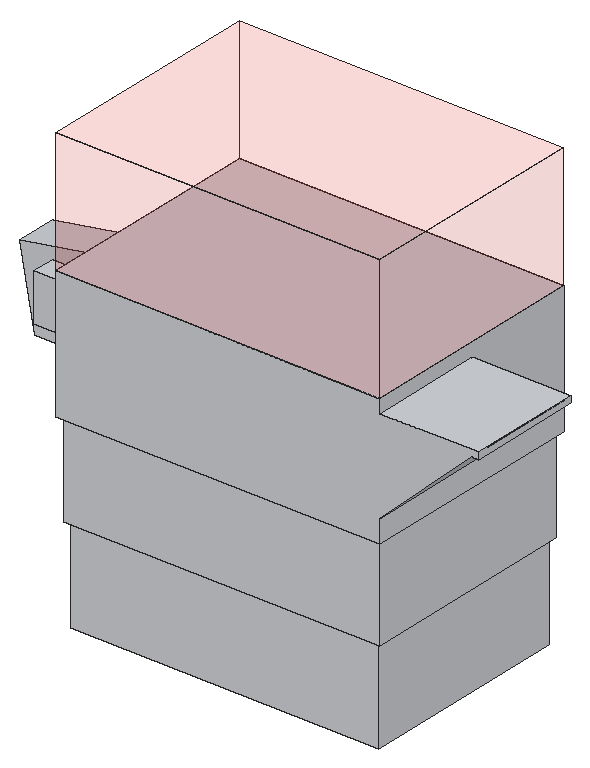
Revit family
Parameters (values of type "208 V Single Phase")
  Weight Scheduled [instance] = 185  # constant formula
  Voltage Workaround = Voltage / 1 V  # 208
  Voltage Scheduled = Voltage  # 208 V
  Voltage = 208 V
  VoltAmps Workaround [instance] = Voltage Workaround * Total FLA * sqrt(Phase)  # 728
  VoltAmps [instance] = VoltAmps Workaround * 1 VA  # 728 VA
  URL = "http://www.renewaire.com/_assets/files/SubmittalForms/EV450RTSubmittal.pdf"
  Total FLA [instance] = Supply Motor FLA  # 3.5
  Supply Motor RPM Scheduled [instance] = 0
  Supply Motor HP Scheduled [instance] = Supply Motor HP  # 0.6
  Supply Motor HP [instance] = if(or(Phase = 1, Phase = 2), 0.6, if(Phase = 3, 0.5, 0))  # 0.6
  Supply Motor FLA [instance] = if(and(Voltage = 115 V, Phase = 1), 7, if(and(or(Voltage = 208 V, Voltage = 230 V), Phase = 1), 3.5, if(and(Voltage = 277 V, Phase = 1), 2.4, if(and(or(Voltage = 208 V, Voltage = 230 V), Phase = 3), 1.7, if(and(Voltage = 460 V, Phase = 3), 0.8, 0)))))  # 3.5
  Supply Motor Count Scheduled [instance] = Supply Motor Count  # 1
  Supply Motor Count [instance] = 1  # constant formula
  Supply Motor BHP [instance] = if(Supply CFM < 241 CFM, if(Phase = 1, 0.569, if(Phase = 3, 0.325, 0)), if(Supply CFM < 339 CFM, if(Phase = 1, 0.635, if(Phase = 3, 0.419, 0)), if(Supply CFM < 381 CFM, if(Phase = 1, 0.664, if(Phase = 3, 0.462, 0)), if(Supply CFM < 451 CFM, if(Phase = 1, 0.715, if(Phase = 3, 0.552, 0)), if(Supply CFM < 501 CFM, if(Phase = 1, 0.754, if(Phase = 3, 0.617, 0)), if(Supply CFM < 551 CFM, if(Phase = 1, 0.794, if(Phase = 3, 0.691, 0)), if(Supply CFM < 601 CFM, if(Phase = 1, 0.834, if(Phase = 3, 0.766, 0)), 0)))))))  # 0.569
  Supply ESP Scheduled [instance] = Supply ESP  # 1
  Supply ESP [instance] = if(Supply CFM < 241 CFM, 1, if(Supply CFM < 339 CFM, 0.85, if(Supply CFM < 381 CFM, 0.75, if(Supply CFM < 451 CFM, 0.5, if(Supply CFM < 501 CFM, 0.25, if(Supply CFM < 551 CFM, 0, if(Supply CFM < 601 CFM, -0.25, 0)))))))  # 1
  Supply CFM Scheduled [instance] = Supply CFM  # 0 CFM
  Supply CFM [instance] = 0 CFM
  Supply Air Winter RH Scheduled [instance] = 0
  Supply Air Winter DB Scheduled [instance] = 0
  Supply Air Summer RH Scheduled [instance] = 0
  Supply Air Summer DB Scheduled [instance] = 0
  Phase Scheduled = Phase  # 1
  Phase = 1
  Outside Air Winter RH Scheduled [instance] = 0
  Outside Air Winter DB Scheduled [instance] = 0
  Outside Air Summer RH Scheduled [instance] = 0
  Outside Air Summer DB Scheduled [instance] = 0
  Number of Poles = 2
  Model = "EV450RTR"
  Manufacturer = "RenewAire"
  MOCP Scheduled [instance] = 0
  MCA Scheduled [instance] = 0
  FLA Scheduled [instance] = Total FLA  # 3.5
  Exhaust RH Scheduled [instance] = 0
  Exhaust Motor RPM Scheduled [instance] = 0
  Exhaust Motor HP Scheduled [instance] = 0
  Exhaust Motor Count Scheduled [instance] = 0
  Exhaust ESP Scheduled [instance] = Exhaust ESP  # 1
  Exhaust ESP [instance] = Supply ESP  # 1
  Exhaust DB Scheduled [instance] = 0
  Exhaust CFM Scheduled [instance] = Exhaust CFM  # 0 CFM
  Exhaust CFM [instance] = 0 CFM
  Enthalpy Effect Winter Scheduled [instance] = if(Supply CFM < 241 CFM, 75, if(Supply CFM < 339 CFM, 71, if(Supply CFM < 381 CFM, 69, if(Supply CFM < 451 CFM, 66, if(Supply CFM < 501 CFM, 64, if(Supply CFM < 551 CFM, 62, if(Supply CFM < 601 CFM, 60, 0)))))))  # 75
  Enthalpy Effect Summer Scheduled [instance] = if(Supply CFM < 241 CFM, 66, if(Supply CFM < 339 CFM, 61, if(Supply CFM < 381 CFM, 59, if(Supply CFM < 451 CFM, 56, if(Supply CFM < 501 CFM, 54, if(Supply CFM < 551 CFM, 52, if(Supply CFM < 601 CFM, 50, 0)))))))  # 66
Types (8): name | Voltage Workaround | Voltage Scheduled | Voltage | VoltAmps Workaround | VoltAmps | Total FLA | Supply Motor HP Scheduled | Supply Motor HP | Supply Motor FLA | Supply Motor BHP | Phase Scheduled | Phase | Number of Poles | FLA Scheduled
  (no name) | 208 | 208 V | 208 V | 728 | 728 VA | 3.5 | 0.6 | 0.6 | 3.5 | 0.569 | 1 | 1 | 2 | 3.5
  208 V Single Phase | 208 | 208 V | 208 V | 728 | 728 VA | 3.5 | 0.6 | 0.6 | 3.5 | 0.569 | 1 | 1 | 2 | 3.5
  230 V Single Phase | 230 | 230 V | 230 V | 805 | 805 VA | 3.5 | 0.6 | 0.6 | 3.5 | 0.569 | 1 | 1 | 2 | 3.5
  115 V Single Phase | 115 | 115 V | 115 V | 805 | 805 VA | 7 | 0.6 | 0.6 | 7 | 0.569 | 1 | 1 | 1 | 7
  277 V Single Phase | 277 | 277 V | 277 V | 664.8 | 664.8 VA | 2.4 | 0.6 | 0.6 | 2.4 | 0.569 | 1 | 1 | 1 | 2.4
  208 V Three Phase | 208 | 208 V | 208 V | 612.4532 | 612.453 VA | 1.7 | 0.5 | 0.5 | 1.7 | 0.325 | 3 | 3 | 3 | 1.7
  230 V Three Phase | 230 | 230 V | 230 V | 677.2319 | 677.232 VA | 1.7 | 0.5 | 0.5 | 1.7 | 0.325 | 3 | 3 | 3 | 1.7
  460 V Three Phase | 460 | 460 V | 460 V | 637.3947 | 637.395 VA | 0.8 | 0.5 | 0.5 | 0.8 | 0.325 | 3 | 3 | 3 | 0.8
Reference planes (in)
  plane 1 "Center (Front/Back)": y = 0
  plane 2: z = 0
  plane 3 "Center (Left/Right)": x = 0
Forms (in)
  Extrusion 1, solid
    sketch origin (0, 0, 0) x (1, 0, 0) y (0, 1, 0)
      loop
        line (-23.9375, 16.9375) -> (-23.9375, -16.9375) -> (23.9375, -16.9375) -> (23.9375, 16.9375) -> (-23.9375, 16.9375)
    from 28 to 47.25
  Extrusion 2, solid
    sketch origin (-53.92418, 1.4739, 0) x (1, 0, 0) y (0, 1, 0)
      loop
        line (31.23668, 14.1511) -> (31.23668, -17.0989) -> (76.61168, -17.0989) -> (76.61168, 14.1511) -> (31.23668, 14.1511)
    from 0 to 14
  Extrusion 3, solid
    sketch origin (0, 0, 14) x (1, 0, 0) y (0, 0, 1)
      loop
        line (23.9375, 31.25) -> (23.9375, 17.36927) -> (37.4375, 30.25) -> (38.4375, 30.25) -> (38.4375, 31.25) -> (23.9375, 31.25)
    from 0 to 16.9375
  Extrusion 4, solid
    sketch origin (0, 0, 14) x (1, 0, 0) y (0, 0, 1)
      loop
        line (-34.21804, 17.25) -> (-23.9375, 17.25) -> (-23.9375, 31.31031) -> (-36.3125, 29.12826) -> (-34.21804, 17.25)
    from 2 to 8
  Extrusion 5, solid
    sketch origin (-4.49885, 47.70678, 0) x (1, 0, 0) y (0, 1, 0)
      loop
        line (-19.43865, -30.76928) -> (-19.43865, -64.64428) -> (28.43635, -64.64428) -> (28.43635, -30.76928) -> (-19.43865, -30.76928)
    from 47.25 to 65.5
  Extrusion 6, solid
    sketch origin (0, 0, 0) x (1, 0, 0) y (0, 1, 0)
      loop
        line (-23.3125, 16.28125) -> (-23.3125, -16.28125) -> (23.3125, -16.28125) -> (23.3125, 16.28125) -> (-23.3125, 16.28125)
    from 14 to 28
  Extrusion 7, solid
    sketch origin (0, 0, 30.25) x (1, 0, 0) y (0, 1, 0)
      loop
        line (-23.9375, -14.37485) -> (-23.9375, -10.87485) -> (-29.1875, -10.87485) -> (-29.1875, -14.37485) -> (-23.9375, -14.37485)
    from 7 to 14
Cuts and joins
  joined: Extrusion 1, Extrusion 2, Extrusion 3, Extrusion 4, Extrusion 6
Lines and regions (in)
  Split face 1
    outline origin (-50.27583, 6.80997, 0) x (1, 0, 0) y (0, 1, 0)
      loop
        line (58.58833, 6.94003) -> (58.58833, -5.55997) -> (71.08833, -5.55997) -> (71.08833, 6.94003) -> (58.58833, 6.94003)
Dimensions and locks (in)
  equal spacing: Extrusion 5, Extrusion 6 sketch curve, cut or joined group of Extrusion 1, Extrusion 2, Extrusion 3, Extrusion 4, Extrusion 6  (x2)
  equal spacing: cut or joined group of Extrusion 1, Extrusion 2, Extrusion 3, Extrusion 4, Extrusion 6, Extrusion 6 sketch curve, Extrusion 5  (x2)
Connectors (in)
  hvac at (14.5625, 7.5, 0), driven by "Exhaust CFM"
    settings: on Extrusion 2, index 2, duct flow 0 CFM, flow factor 0, pres drop 0.00 in-wg, loss coef 0, conn angle 0.00°, conn width 12 1/2", conn height 12 1/2", conn radius 12", duct sys type 3, conn prof type 1, flow config 0, flow direction 1, loss method 0, conn ref index -1, conn util no, is conn primary yes, conn desc ""
  hvac at (-23.3125, 0, 21), driven by "Supply CFM"
    settings: on Extrusion 6, index 3, duct flow 0 CFM, flow factor 0, pres drop 0.00 in-wg, loss coef 0, conn angle 0.00°, conn width 12", conn height 12", conn radius 12", duct sys type 1, conn prof type 1, flow config 0, flow direction 2, loss method 0, conn ref index -1, conn util no, is conn primary no, conn desc ""
  electrical at (0, 0, 47.25), driven by "VoltAmps", driven by "Voltage", driven by "Number of Poles"
    settings: on cut or joined group of Extrusion 1, Extrusion 2, Extrusion 3, Extrusion 4, Extrusion 6, index 4, voltage 208 V, apparent load 728 VA, apparent load phase1 0 VA, apparent load phase2 0 VA, apparent load phase3 0 VA, power factor 1, load classification "HVAC", number of poles 2, system type 30, power factor state 1, is connector primary yes, connector utility no, sub classification motor no, connector description ""
